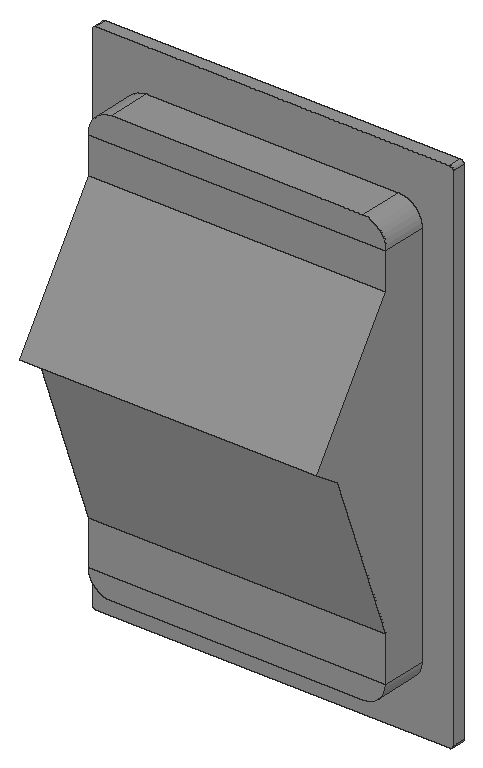
Revit family "L&L_LUCE&LIGHT_PASITO_MINI_1.1", category Lighting Fixtures, host Wall, Revit 2018 (continued)
Types (2, lengths in mm): name | built-in parameter 1150142 | Photometric Web File
  PASITO_MINI_1.1 – Asymmetrical 90°x150° | "IESNA:LM-63-2002\r\n[TEST] PASITO M 11 30K80 ASY  BIAN - 20181011-0809.LDT\r\n[TESTLAB] L&L\r\n[TESTDATE] 11 Oct 2018\r\n[ISSUEDATE] 11 Oct 2018\r\n[MANUFAC] L&L\r\n[LUMCAT] PASITO MINI 1.1 AE 150°x90° [2700K 5W 24Vdc] white\r\n[LUMINAIRE] PASITO MINI 1.1 AE 150°x90° [2700K 5W 24Vdc] white\r\n[FLASHAREA] 0.000015\r\n[LAMPCAT] Power LED\r\n[LAMP] Power LED\r\nTILT=NONE\r\n1 208.00 1.0 181 73 1 2 0.002 0.030 0.000\r\n1.00 1.00 5.00\r\n0.00 1.00 2.00 3.00 4.00 5.00 6.00 7.00 8.00 9.00 10.00 \r\n11.00 12.00 13.00 14.00 15.00 16.00 17.00 18.00 19.00 \r\n20.00 21.00 22.00 23.00 24.00 25.00 26.00 27.00 28.00 \r\n29.00 30.00 31.00 32.00 33.00 34.00 35.00 36.00 37.00 \r\n38.00 39.00 40.00 41.00 42.00 43.00 44.00 45.00 46.00 \r\n47.00 48.00 49.00 50.00 51.00 52.00 53.00 54.00 55.00 \r\n56.00 57.00 58.00 59.00 60.00 61.00 62.00 63.00 64.00 \r\n65.00 66.00 67.00 68.00 69.00 70.00 71.00 72.00 73.00 \r\n74.00 75.00 76.00 77.00 78.00 79.00 80.00 81.00 82.00 \r\n83.00 84.00 85.00 86.00 87.00 88.00 89.00 90.00 91.00 \r\n92.00 93.00 94.00 95.00 96.00 97.00 98.00 99.00 100.00 \r\n101.00 102.00 103.00 104.00 105.00 106.00 107.00 108.00 \r\n109.00 110.00 111.00 112.00 113.00 114.00 115.00 116.00 \r\n117.00 118.00 119.00 120.00 121.00 122.00 123.00 124.00 \r\n125.00 126.00 127.00 128.00 129.00 130.00 131.00 132.00 \r\n133.00 134.00 135.00 136.00 137.00 138.00 139.00 140.00 \r\n141.00 142.00 143.00 144.00 145.00 146.00 147.00 148.00 \r\n149.00 150.00 151.00 152.00 153.00 154.00 155.00 156.00 \r\n157.00 158.00 159.00 160.00 161.00 162.00 163.00 164.00 \r\n165.00 166.00 167.00 168.00 169.00 170.00 171.00 172.00 \r\n173.00 174.00 175.00 176.00 177.00 178.00 179.00 180.00 \r\n0.00 5.00 10.00 15.00 20.00 25.00 30.00 35.00 40.00 45.00 \r\n50.00 55.00 60.00 65.00 70.00 75.00 80.00 85.00 90.00 \r\n95.00 100.00 105.00 110.00 115.00 120.00 125.00 130.00 \r\n135.00 140.00 145.00 150.00 155.00 160.00 165.00 170.00 \r\n175.00 180.00 185.00 190.00 195.00 200.00 205.00 210.00 \r\n215.00 220.00 225.00 230.00 235.00 240.00 245.00 250.00 \r\n255.00 260.00 265.00 270.00 275.00 280.00 285.00 290.00 \r\n295.00 300.00 305.00 310.00 315.00 320.00 325.00 330.00 \r\n335.00 340.00 345.00 350.00 355.00 360.00 \r\n0.03 0.04 0.04 0.04 0.04 0.05 0.05 0.06 0.06 0.07 0.07 \r\n0.08 0.09 0.09 0.10 0.11 0.12 0.13 0.13 0.14 0.15 0.16 \r\n0.17 0.17 0.18 0.19 0.20 0.21 0.21 0.22 0.23 0.24 0.24 \r\n0.25 0.26 0.26 0.27 0.27 0.28 0.28 0.29 0.29 0.30 0.30 \r\n0.31 0.31 0.32 0.33 0.33 0.34 0.34 0.35 0.36 0.36 0.37 \r\n0.38 0.38 0.39 0.39 0.40 0.41 0.41 0.42 0.43 0.43 0.44 \r\n0.44 0.45 0.46 0.46 0.47 0.47 0.48 0.48 0.49 0.50 0.50 \r\n0.51 0.51 0.52 0.52 0.52 0.53 0.53 0.53 0.54 0.54 0.54 \r\n0.54 0.55 0.55 0.55 0.55 0.55 0.55 0.54 0.54 0.54 0.54 \r\n0.54 0.53 0.53 0.53 0.53 0.52 0.52 0.51 0.51 0.51 0.50 \r\n0.50 0.49 0.49 0.48 0.48 0.47 0.47 0.46 0.46 0.45 0.45 \r\n0.44 0.43 0.43 0.42 0.41 0.41 0.40 0.39 0.38 0.38 0.37 \r\n0.36 0.35 0.35 0.34 0.33 0.32 0.31 0.30 0.30 0.29 0.28 \r\n0.27 0.26 0.25 0.24 0.23 0.22 0.21 0.21 0.20 0.19 0.18 \r\n0.17 0.16 0.15 0.14 0.13 0.12 0.11 0.11 0.10 0.09 0.08 \r\n0.07 0.06 0.05 0.04 0.03 0.03 0.03 0.02 0.02 0.02 0.02 \r\n0.02 0.02 0.02 0.02 0.02 \r\n0.03 0.03 0.03 0.03 0.03 0.03 0.02 0.02 0.01 0.01 0.00 \r\n0.00 0.00 0.00 0.00 0.00 0.00 0.00 0.00 0.00 0.00 0.00 \r\n0.00 0.00 0.00 0.00 0.00 0.00 0.00 0.00 0.00 0.00 0.00 \r\n0.00 0.00 0.00 0.00 0.00 0.00 0.00 0.00 0.00 0.00 0.00 \r\n0.00 0.00 0.00 0.00 0.00 0.00 0.00 0.00 0.00 0.00 0.00 \r\n0.00 0.00 0.00 0.00 0.00 0.00 0.00 0.00 0.00 0.00 0.00 \r\n0.00 0.00 0.00 0.00 0.00 0.00 0.00 0.00 0.00 0.00 0.00 \r\n0.00 0.00 0.00 0.00 0.00 0.00 0.00 0.00 0.00 0.00 0.00 \r\n0.00 0.00 0.00 0.00 0.00 0.00 0.00 0.00 0.00 0.00 0.00 \r\n0.00 0.00 0.00 0.00 0.00 0.00 0.00 0.00 0.00 0.00 0.00 \r\n0.00 0.00 0.00 0.00 0.00 0.00 0.00 0.00 0.00 0.00 0.00 \r\n0.00 0.00 0.00 0.00 0.00 0.00 0.00 0.00 0.00 0.00 0.00 \r\n0.00 0.00 0.00 0.00 0.00 0.00 0.00 0.00 0.00 0.00 0.00 \r\n0.00 0.00 0.00 0.00 0.00 0.00 0.00 0.00 0.00 0.00 0.00 \r\n0.00 0.00 0.00 0.00 0.00 0.00 0.00 0.00 0.00 0.00 0.00 \r\n0.00 0.00 0.00 0.00 0.00 0.00 0.01 0.01 0.01 0.01 0.01 \r\n0.01 0.01 0.01 0.02 0.02 \r\n0.03 0.03 0.03 0.03 0.02 0.01 0.00 0.00 0.00 0.00 0.00 \r\n0.00 0.00 0.00 0.00 0.00 0.00 0.00 0.00 0.00 0.00 0.00 \r\n0.00 0.00 0.00 0.00 0.00 0.00 0.00 0.00 0.00 0.00 0.00 \r\n0.00 0.00 0.00 0.00 0.00 0.00 0.00 0.00 0.00 0.00 0.00 \r\n0.00 0.00 0.00 0.00 0.00 0.00 0.00 0.00 0.00 0.00 0.00 \r\n0.00 0.00 0.00 0.00 0.00 0.00 0.00 0.00 0.00 0.00 0.00 \r\n0.00 0.00 0.00 0.00 0.00 0.00 0.00 0.00 0.00 0.00 0.00 \r\n0.00 0.00 0.00 0.00 0.00 0.00 0.00 0.00 0.00 0.00 0.00 \r\n0.00 0.00 0.00 0.00 0.00 0.00 0.00 0.00 0.00 0.00 0.00 \r\n0.00 0.00 0.00 0.00 0.00 0.00 0.00 0.00 0.00 0.00 0.00 \r\n0.00 0.00 0.00 0.00 0.00 0.00 0.00 0.00 0.00 0.00 0.00 \r\n0.00 0.00 0.00 0.00 0.00 0.00 0.00 0.00 0.00 0.00 0.00 \r\n0.00 0.00 0.00 0.00 0.00 0.00 0.00 0.00 0.00 0.00 0.00 \r\n0.00 0.00 0.00 0.00 0.00 0.00 0.00 0.00 0.00 0.00 0.00 \r\n0.00 0.00 0.00 0.00 0.00 0.00 0.00 0.00 0.00 0.00 0.00 \r\n0.00 0.00 0.00 0.00 0.00 0.00 0.00 0.00 0.00 0.00 0.00 \r\n0.01 0.01 0.01 0.01 0.02 \r\n0.03 0.03 0.02 0.01 0.00 0.00 0.00 0.00 0.00 0.00 0.00 \r\n0.00 0.00 0.00 0.00 0.00 0.00 0.00 0.00 0.00 0.00 0.00 \r\n0.00 0.00 0.00 0.00 0.00 0.00 0.00 0.00 0.00 0.00 0.00 \r\n0.00 0.00 0.00 0.00 0.00 0.00 0.00 0.00 0.00 0.00 0.00 \r\n0.00 0.00 0.00 0.00 0.00 0.00 0.00 0.00 0.00 0.00 0.00 \r\n0.00 0.00 0.00 0.00 0.00 0.00 0.00 0.00 0.00 0.00 0.00 \r\n0.00 0.00 0.00 0.00 0.00 0.00 0.00 0.00 0.00 0.00 0.00 \r\n0.00 0.00 0.00 0.00 0.00 0.00 0.00 0.00 0.00 0.00 0.00 \r\n0.00 0.00 0.00 0.00 0.00 0.00 0.00 0.00 0.00 0.00 0.00 \r\n0.00 0.00 0.00 0.00 0.00 0.00 0.00 0.00 0.00 0.00 0.00 \r\n0.00 0.00 0.00 0.00 0.00 0.00 0.00 0.00 0.00 0.00 0.00 \r\n0.00 0.00 0.00 0.00 0.00 0.00 0.00 0.00 0.00 0.00 0.00 \r\n0.00 0.00 0.00 0.00 0.00 0.00 0.00 0.00 0.00 0.00 0.00 \r\n0.00 0.00 0.00 0.00 0.00 0.00 0.00 0.00 0.00 0.00 0.00 \r\n0.00 0.00 0.00 0.00 0.00 0.00 0.00 0.00 0.00 0.00 0.00 \r\n0.00 0.00 0.00 0.00 0.00 0.00 0.00 0.00 0.00 0.00 0.00 \r\n0.00 0.00 0.01 0.01 0.02 \r\n0.03 0.03 0.02 0.00 0.00 0.00 0.00 0.00 0.00 0.00 0.00 \r\n0.00 0.00 0.00 0.00 0.00 0.00 0.00 0.00 0.00 0.00 0.00 \r\n0.00 0.00 0.00 0.00 0.00 0.00 0.00 0.00 0.00 0.00 0.00 \r\n0.00 0.00 0.00 0.00 0.00 0.00 0.00 0.00 0.00 0.00 0.00 \r\n0.00 0.00 0.00 0.00 0.00 0.00 0.00 0.00 0.00 0.00 0.00 \r\n0.00 0.00 0.00 0.00 0.00 0.00 0.00 0.00 0.00 0.00 0.00 \r\n0.00 0.00 0.00 0.00 0.00 0.00 0.00 0.00 0.00 0.00 0.00 \r\n0.00 0.00 0.00 0.00 0.00 0.00 0.00 0.00 0.00 0.00 0.00 \r\n0.00 0.00 0.00 0.00 0.00 0.00 0.00 0.00 0.00 0.00 0.00 \r\n0.00 0.00 0.00 0.00 0.00 0.00 0.00 0.00 0.00 0.00 0.00 \r\n0.00 0.00 0.00 0.00 0.00 0.00 0.00 0.00 0.00 0.00 0.00 \r\n0.00 0.00 0.00 0.00 0.00 0.00 0.00 0.00 0.00 0.00 0.00 \r\n0.00 0.00 0.00 0.00 0.00 0.00 0.00 0.00 0.00 0.00 0.00 \r\n0.00 0.00 0.00 0.00 0.00 0.00 0.00 0.00 0.00 0.00 0.00 \r\n0.00 0.00 0.00 0.00 0.00 0.00 0.00 0.00 0.00 0.00 0.00 \r\n0.00 0.00 0.00 0.00 0.00 0.00 0.00 0.00 0.00 0.00 0.00 \r\n0.00 0.00 0.01 0.01 0.02 \r\n0.03 0.03 0.01 0.00 0.00 0.00 0.00 0.00 0.00 0.00 0.00 \r\n0.00 0.00 0.00 0.00 0.00 0.00 0.00 0.00 0.00 0.00 0.00 \r\n0.00 0.00 0.00 0.00 0.00 0.00 0.00 0.00 0.00 0.00 0.00 \r\n0.00 0.00 0.00 0.00 0.00 0.00 0.00 0.00 0.00 0.00 0.00 \r\n0.00 0.00 0.00 0.00 0.00 0.00 0.00 0.00 0.00 0.00 0.00 \r\n0.00 0.00 0.00 0.00 0.00 0.00 0.00 0.00 0.00 0.00 0.00 \r\n0.00 0.00 0.00 0.00 0.00 0.00 0.00 0.00 0.00 0.00 0.00 \r\n0.00 0.00 0.00 0.00 0.00 0.00 0.00 0.00 0.00 0.00 0.00 \r\n0.00 0.00 0.00 0.00 0.00 0.00 0.00 0.00 0.00 0.00 0.00 \r\n0.00 0.00 0.00 0.00 0.00 0.00 0.00 0.00 0.00 0.00 0.00 \r\n0.00 0.00 0.00 0.00 0.00 0.00 0.00 0.00 0.00 0.00 0.00 \r\n0.00 0.00 0.00 0.00 0.00 0.00 0.00 0.00 0.00 0.00 0.00 \r\n0.00 0.00 0.00 0.00 0.00 0.00 0.00 0.00 0.00 0.00 0.00 \r\n0.00 0.00 0.00 0.00 0.00 0.00 0.00 0.00 0.00 0.00 0.00 \r\n0.00 0.00 0.00 0.00 0.00 0.00 0.00 0.00 0.00 0.00 0.00 \r\n0.00 0.00 0.00 0.00 0.00 0.00 0.00 0.00 0.00 0.00 0.00 \r\n0.00 0.00 0.00 0.01 0.02 \r\n0.03 0.02 0.00 0.00 0.00 0.00 0.00 0.00 0.00 0.00 0.00 \r\n0.00 0.00 0.00 0.00 0.00 0.00 0.00 0.00 0.00 0.00 0.00 \r\n0.00 0.00 0.00 0.00 0.00 0.00 0.00 0.00 0.00 0.00 0.00 \r\n0.00 0.00 0.00 0.00 0.00 0.00 0.00 0.00 0.00 0.00 0.00 \r\n0.00 0.00 0.00 0.00 0.00 0.00 0.00 0.00 0.00 0.00 0.00 \r\n0.00 0.00 0.00 0.00 0.00 0.00 0.00 0.00 0.00 0.00 0.00 \r\n0.00 0.00 0.00 0.00 0.00 0.00 0.00 0.00 0.00 0.00 0.00 \r\n0.00 0.00 0.00 0.00 0.00 0.00 0.00 0.00 0.00 0.00 0.00 \r\n0.00 0.00 0.00 0.00 0.00 0.00 0.00 0.00 0.00 0.00 0.00 \r\n0.00 0.00 0.00 0.00 0.00 0.00 0.00 0.00 0.00 0.00 0.00 \r\n0.00 0.00 0.00 0.00 0.00 0.00 0.00 0.00 0.00 0.00 0.00 \r\n0.00 0.00 0.00 0.00 0.00 0.00 0.00 0.00 0.00 0.00 0.00 \r\n0.00 0.00 0.00 0.00 0.00 0.00 0.00 0.00 0.00 0.00 0.00 \r\n0.00 0.00 0.00 0.00 0.00 0.00 0.00 0.00 0.00 0.00 0.00 \r\n0.00 0.00 0.00 0.00 0.00 0.00 0.00 0.00 0.00 0.00 0.00 \r\n0.00 0.00 0.00 0.00 0.00 0.00 0.00 0.00 0.00 0.00 0.00 \r\n0.00 0.00 0.00 0.01 0.02 \r\n0.03 0.02 0.00 0.00 0.00 0.00 0.00 0.00 0.00 0.00 0.00 \r\n0.00 0.00 0.00 0.00 0.00 0.00 0.00 0.00 0.00 0.00 0.00 \r\n0.00 0.00 0.00 0.00 0.00 0.00 0.00 0.00 0.00 0.00 0.00 \r\n0.00 0.00 0.00 0.00 0.00 0.00 0.00 0.00 0.00 0.00 0.00 \r\n0.00 0.00 0.00 0.00 0.00 0.00 0.00 0.00 0.00 0.00 0.00 \r\n0.00 0.00 0.00 0.00 0.00 0.00 0.00 0.00 0.00 0.00 0.00 \r\n0.00 0.00 0.00 0.00 0.00 0.00 0.00 0.00 0.00 0.00 0.00 \r\n0.00 0.00 0.00 0.00 0.00 0.00 0.00 0.00 0.00 0.00 0.00 \r\n0.00 0.00 0.00 0.00 0.00 0.00 0.00 0.00 0.00 0.00 0.00 \r\n0.00 0.00 0.00 0.00 0.00 0.00 0.00 0.00 0.00 0.00 0.00 \r\n0.00 0.00 0.00 0.00 0.00 0.00 0.00 0.00 0.00 0.00 0.00 \r\n0.00 0.00 0.00 0.00 0.00 0.00 0.00 0.00 0.00 0.00 0.00 \r\n0.00 0.00 0.00 0.00 0.00 0.00 0.00 0.00 0.00 0.00 0.00 \r\n0.00 0.00 0.00 0.00 0.00 0.00 0.00 0.00 0.00 0.00 0.00 \r\n0.00 0.00 0.00 0.00 0.00 0.00 0.00 0.00 0.00 0.00 0.00 \r\n0.00 0.00 0.00 0.00 0.00 0.00 0.00 0.00 0.00 0.00 0.00 \r\n0.00 0.00 0.00 0.01 0.02 \r\n0.03 0.02 0.00 0.00 0.00 0.00 0.00 0.00 0.00 0.00 0.00 \r\n0.00 0.00 0.00 0.00 0.00 0.00 0.00 0.00 0.00 0.00 0.00 \r\n0.00 0.00 0.00 0.00 0.00 0.00 0.00 0.00 0.00 0.00 0.00 \r\n0.00 0.00 0.00 0.00 0.00 0.00 0.00 0.00 0.00 0.00 0.00 \r\n0.00 0.00 0.00 0.00 0.00 0.00 0.00 0.00 0.00 0.00 0.00 \r\n0.00 0.00 0.00 0.00 0.00 0.00 0.00 0.00 0.00 0.00 0.00 \r\n0.00 0.00 0.00 0.00 0.00 0.00 0.00 0.00 0.00 0.00 0.00 \r\n0.00 0.00 0.00 0.00 0.00 0.00 0.00 0.00 0.00 0.00 0.00 \r\n0.00 0.00 0.00 0.00 0.00 0.00 0.00 0.00 0.00 0.00 0.00 \r\n0.00 0.00 0.00 0.00 0.00 0.00 0.00 0.00 0.00 0.00 0.00 \r\n0.00 0.00 0.00 0.00 0.00 0.00 0.00 0.00 0.00 0.00 0.00 \r\n0.00 0.00 0.00 0.00 0.00 0.00 0.00 0.00 0.00 0.00 0.00 \r\n0.00 0.00 0.00 0.00 0.00 0.00 0.00 0.00 0.00 0.00 0.00 \r\n0.00 0.00 0.00 0.00 0.00 0.00 0.00 0.00 0.00 0.00 0.00 \r\n0.00 0.00 0.00 0.00 0.00 0.00 0.00 0.00 0.00 0.00 0.00 \r\n0.00 0.00 0.00 0.00 0.00 0.00 0.00 0.00 0.00 0.00 0.00 \r\n0.00 0.00 0.00 0.01 0.02 \r\n0.03 0.01 0.00 0.00 0.00 0.00 0.00 0.00 0.00 0.00 0.00 \r\n0.00 0.00 0.00 0.00 0.00 0.00 0.00 0.00 0.00 0.00 0.00 \r\n0.00 0.00 0.00 0.00 0.00 0.00 0.00 0.00 0.00 0.00 0.00 \r\n0.00 0.00 0.00 0.00 0.00 0.00 0.00 0.00 0.00 0.00 0.00 \r\n0.00 0.00 0.00 0.00 0.00 0.00 0.00 0.00 0.00 0.00 0.00 \r\n0.00 0.00 0.00 0.00 0.00 0.00 0.00 0.00 0.00 0.00 0.00 \r\n0.00 0.00 0.00 0.00 0.00 0.00 0.00 0.00 0.00 0.00 0.00 \r\n0.00 0.00 0.00 0.00 0.00 0.00 0.00 0.00 0.00 0.00 0.00 \r\n0.00 0.00 0.00 0.00 0.00 0.00 0.00 0.00 0.00 0.00 0.00 \r\n0.00 0.00 0.00 0.00 0.00 0.00 0.00 0.00 0.00 0.00 0.00 \r\n0.00 0.00 0.00 0.00 0.00 0.00 0.00 0.00 0.00 0.00 0.00 \r\n0.00 0.00 0.00 0.00 0.00 0.00 0.00 0.00 0.00 0.00 0.00 \r\n0.00 0.00 0.00 0.00 0.00 0.00 0.00 0.00 0.00 0.00 0.00 \r\n0.00 0.00 0.00 0.00 0.00 0.00 0.00 0.00 0.00 0.00 0.00 \r\n0.00 0.00 0.00 0.00 0.00 0.00 0.00 0.00 0.00 0.00 0.00 \r\n0.00 0.00 0.00 0.00 0.00 0.00 0.00 0.00 0.00 0.00 0.00 \r\n0.00 0.00 0.00 0.01 0.02 \r\n0.03 0.01 0.00 0.00 0.00 0.00 0.00 0.00 0.00 0.00 0.00 \r\n0.00 0.00 0.00 0.00 0.00 0.00 0.00 0.00 0.00 0.00 0.00 \r\n0.00 0.00 0.00 0.00 0.00 0.00 0.00 0.00 0.00 0.00 0.00 \r\n0.00 0.00 0.00 0.00 0.00 0.00 0.00 0.00 0.00 0.00 0.00 \r\n0.00 0.00 0.00 0.00 0.00 0.00 0.00 0.00 0.00 0.00 0.00 \r\n0.00 0.00 0.00 0.00 0.00 0.00 0.00 0.00 0.00 0.00 0.00 \r\n0.00 0.00 0.00 0.00 0.00 0.00 0.00 0.00 0.00 0.00 0.00 \r\n0.00 0.00 0.00 0.00 0.00 0.00 0.00 0.00 0.00 0.00 0.00 \r\n0.00 0.00 0.00 0.00 0.00 0.00 0.00 0.00 0.00 0.00 0.00 \r\n0.00 0.00 0.00 0.00 0.00 0.00 0.00 0.00 0.00 0.00 0.00 \r\n0.00 0.00 0.00 0.00 0.00 0.00 0.00 0.00 0.00 0.00 0.00 \r\n0.00 0.00 0.00 0.00 0.00 0.00 0.00 0.00 0.00 0.00 0.00 \r\n0.00 0.00 0.00 0.00 0.00 0.00 0.00 0.00 0.00 0.00 0.00 \r\n0.00 0.00 0.00 0.00 0.00 0.00 0.00 0.00 0.00 0.00 0.00 \r\n0.00 0.00 0.00 0.00 0.00 0.00 0.00 0.00 0.00 0.00 0.00 \r\n0.00 0.00 0.00 0.00 0.00 0.00 0.00 0.00 0.00 0.00 0.00 \r\n0.00 0.00 0.00 0.00 0.02 \r\n0.03 0.01 0.00 0.00 0.00 0.00 0.00 0.00 0.00 0.00 0.00 \r\n0.00 0.00 0.00 0.00 0.00 0.00 0.00 0.00 0.00 0.00 0.00 \r\n0.00 0.00 0.00 0.00 0.00 0.00 0.00 0.00 0.00 0.00 0.00 \r\n0.00 0.00 0.00 0.00 0.00 0.00 0.00 0.00 0.00 0.00 0.00 \r\n0.00 0.00 0.00 0.00 0.00 0.00 0.00 0.00 0.00 0.00 0.00 \r\n0.00 0.00 0.00 0.00 0.00 0.00 0.00 0.00 0.00 0.00 0.00 \r\n0.00 0.00 0.00 0.00 0.00 0.00 0.00 0.00 0.00 0.00 0.00 \r\n0.00 0.00 0.00 0.00 0.00 0.00 0.00 0.00 0.00 0.00 0.00 \r\n0.00 0.00 0.00 0.00 0.00 0.00 0.00 0.00 0.00 0.00 0.00 \r\n0.00 0.00 0.00 0.00 0.00 0.00 0.00 0.00 0.00 0.00 0.00 \r\n0.00 0.00 0.00 0.00 0.00 0.00 0.00 0.00 0.00 0.00 0.00 \r\n0.00 0.00 0.00 0.00 0.00 0.00 0.00 0.00 0.00 0.00 0.00 \r\n0.00 0.00 0.00 0.00 0.00 0.00 0.00 0.00 0.00 0.00 0.00 \r\n0.00 0.00 0.00 0.00 0.00 0.00 0.00 0.00 0.00 0.00 0.00 \r\n0.00 0.00 0.00 0.00 0.00 0.00 0.00 0.00 0.00 0.00 0.00 \r\n0.00 0.00 0.00 0.00 0.00 0.00 0.00 0.00 0.00 0.00 0.00 \r\n0.00 0.00 0.00 0.00 0.02 \r\n0.03 0.01 0.00 0.00 0.00 0.00 0.00 0.00 0.00 0.00 0.00 \r\n0.00 0.00 0.00 0.00 0.00 0.00 0.00 0.00 0.00 0.00 0.00 \r\n0.00 0.00 0.00 0.00 0.00 0.00 0.00 0.00 0.00 0.00 0.00 \r\n0.00 0.00 0.00 0.00 0.00 0.00 0.00 0.00 0.00 0.00 0.00 \r\n0.00 0.00 0.00 0.00 0.00 0.00 0.00 0.00 0.00 0.00 0.00 \r\n0.00 0.00 0.00 0.00 0.00 0.00 0.00 0.00 0.00 0.00 0.00 \r\n0.00 0.00 0.00 0.00 0.00 0.00 0.00 0.00 0.00 0.00 0.00 \r\n0.00 0.00 0.00 0.00 0.00 0.00 0.00 0.00 0.00 0.00 0.00 \r\n0.00 0.00 0.00 0.00 0.00 0.00 0.00 0.00 0.00 0.00 0.00 \r\n0.00 0.00 0.00 0.00 0.00 0.00 0.00 0.00 0.00 0.00 0.00 \r\n0.00 0.00 0.00 0.00 0.00 0.00 0.00 0.00 0.00 0.00 0.00 \r\n0.00 0.00 0.00 0.00 0.00 0.00 0.00 0.00 0.00 0.00 0.00 \r\n0.00 0.00 0.00 0.00 0.00 0.00 0.00 0.00 0.00 0.00 0.00 \r\n0.00 0.00 0.00 0.00 0.00 0.00 0.00 0.00 0.00 0.00 0.00 \r\n0.00 0.00 0.00 0.00 0.00 0.00 0.00 0.00 0.00 0.00 0.00 \r\n0.00 0.00 0.00 0.00 0.00 0.00 0.00 0.00 0.00 0.00 0.00 \r\n0.00 0.00 0.00 0.00 0.02 \r\n0.03 0.00 0.00 0.00 0.00 0.00 0.00 0.00 0.00 0.00 0.00 \r\n0.00 0.00 0.00 0.00 0.00 0.00 0.00 0.00 0.00 0.00 0.00 \r\n0.00 0.00 0.00 0.00 0.00 0.00 0.00 0.00 0.00 0.00 0.00 \r\n0.00 0.00 0.00 0.00 0.00 0.00 0.00 0.00 0.00 0.00 0.00 \r\n0.00 0.00 0.00 0.00 0.00 0.00 0.00 0.00 0.00 0.00 0.00 \r\n0.00 0.00 0.00 0.00 0.00 0.00 0.00 0.00 0.00 0.00 0.00 \r\n0.00 0.00 0.00 0.00 0.00 0.00 0.00 0.00 0.00 0.00 0.00 \r\n0.00 0.00 0.00 0.00 0.00 0.00 0.00 0.00 0.00 0.00 0.00 \r\n0.00 0.00 0.00 0.00 0.00 0.00 0.00 0.00 0.00 0.00 0.00 \r\n0.00 0.00 0.00 0.00 0.00 0.00 0.00 0.00 0.00 0.00 0.00 \r\n0.00 0.00 0.00 0.00 0.00 0.00 0.00 0.00 0.00 0.00 0.00 \r\n0.00 0.00 0.00 0.00 0.00 0.00 0.00 0.00 0.00 0.00 0.00 \r\n0.00 0.00 0.00 0.00 0.00 0.00 0.00 0.00 0.00 0.00 0.00 \r\n0.00 0.00 0.00 0.00 0.00 0.00 0.00 0.00 0.00 0.00 0.00 \r\n0.00 0.00 0.00 0.00 0.00 0.00 0.00 0.00 0.00 0.00 0.00 \r\n0.00 0.00 0.00 0.00 0.00 0.00 0.00 0.00 0.00 0.00 0.00 \r\n0.00 0.00 0.00 0.00 0.02 \r\n0.03 0.00 0.00 0.00 0.00 0.00 0.00 0.00 0.00 0.00 0.00 \r\n0.00 0.00 0.00 0.00 0.00 0.00 0.00 0.00 0.00 0.00 0.00 \r\n0.00 0.00 0.00 0.00 0.00 0.00 0.00 0.00 0.00 0.00 0.00 \r\n0.00 0.00 0.00 0.00 0.00 0.00 0.00 0.00 0.00 0.00 0.00 \r\n0.00 0.00 0.00 0.00 0.00 0.00 0.00 0.00 0.00 0.00 0.00 \r\n0.00 0.00 0.00 0.00 0.00 0.00 0.00 0.00 0.00 0.00 0.00 \r\n0.00 0.00 0.00 0.00 0.00 0.00 0.00 0.00 0.00 0.00 0.00 \r\n0.00 0.00 0.00 0.00 0.00 0.00 0.00 0.00 0.00 0.00 0.00 \r\n0.00 0.00 0.00 0.00 0.00 0.00 0.00 0.00 0.00 0.00 0.00 \r\n0.00 0.00 0.00 0.00 0.00 0.00 0.00 0.00 0.00 0.00 0.00 \r\n0.00 0.00 0.00 0.00 0.00 0.00 0.00 0.00 0.00 0.00 0.00 \r\n0.00 0.00 0.00 0.00 0.
